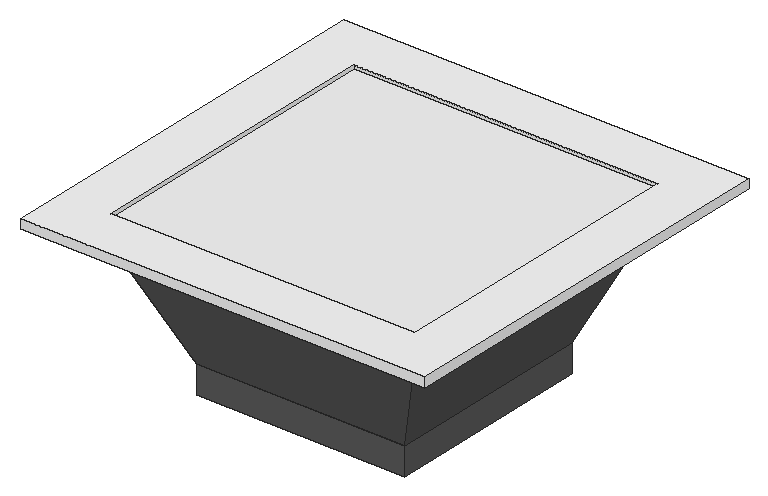
Revit family "3031700 Feilo Sylvania Lighting Fixture SYL-LIGHTER SQ 170 LED12W WW DIM", category Lighting Fixtures, host Face, Revit 2017
Family settings
  Host = Face
  Round Connector Dimension = Use Diameter
  Part Type = Normal
  OmniClass Number = 23.80.70.00
  OmniClass Title = Lighting
  Cut with Voids When Loaded = No
  Light Source = Yes
  Shared = No
  Room Calculation Point = No
Parameters (values of type "3031700 SYL-LIGHTER SQ 170 LED12W WW DIM")
  Width_FEILO = 175 mm
  WidthCutOut_FEILO = 150 mm
  Weight = "7.8 kg"
  Wattage Comments = ""
  Wattage = 12 W
  WarrantyStartDate [instance] = "n/a"
  WarrantyGuarantorParts = "n/a"
  WarrantyDurationUnit = "n/a"
  WarrantyDurationParts = "n/a"
  WarrantyDescription = "n/a"
  built-in parameter 1150110 = 1 (stored number, unit not read)
  Voltage = 230 V
  URL = "http://www.sylvania-lighting.com"
  TypeName = "SYL-LIGHTER SQ 170 LED12W WW DIM"
  Type Image = <None>
  Type Comments = "n/a"
  built-in parameter 1114217 = 1 (stored number, unit not read)
  Tilt Angle = -90.00°
  built-in parameter 1150109 = 1 (stored number, unit not read)
  built-in parameter 1150134 = (empty or 0)
  built-in parameter 1150113 = 1 (stored number, unit not read)
  SerialNumber [instance] = "n/a"
  Photometric Web File = "3031700.ies"
  Offset3_FEILO = Width_FEILO / 8.5  # 20.588 mm
  Offset2_FEILO = Width_FEILO / 28.3333  # 6.176 mm
  Offset1_FEILO = Width_FEILO / 56.6667  # 3.088 mm
  Material_3_FEILO = Diffuser-Sylvania-InsaverHoTopperSquare
  PowerFactor = 0
  PowerConsumption = "12 W"
  NominalLength = 175 mm
  NominalHeight = 68 mm
  NominalDepth = 175 mm
  Name = "SYL-LIGHTER SQ 170 LED12W WW DIM"
  ModelReference = Name  # "SYL-LIGHTER SQ 170 LED12W WW DIM"
  ModelNumber = "3031700"
  Model = Name  # "SYL-LIGHTER SQ 170 LED12W WW DIM"
  Material = "polycarbonate diffuser"
  ManufacturerName = "Feilo Sylvania"
  Manufacturer = "Feilo Sylvania"
  LuminousEfficacy = "73 lm/W"
  built-in parameter 1150105 = 396.57 (stored number, unit not read)
  Lumens = 876 lm
  LuminaireType = ""
  built-in parameter 1150115 = 1 (stored number, unit not read)
  LightOutputRatio = "n/a"
  built-in parameter 1150137 = (empty or 0)
  built-in parameter 1150139 = (empty or 0)
  LampsType = Lamp  # "LED"
  LampNominalLuminous = "874 lm"
  LampMacAdamStep = "n/a"
  LampColourTemperature = "3000 K"
  LampColourRenderingIndex = "0"
  built-in parameter 1150112 = 1 (stored number, unit not read)
  built-in parameter 1150114 = 1 (stored number, unit not read)
  Lamp = "LED"
  Keynote = "16500"
  InstallationDate [instance] = "n/a"
  InputVoltage = "220-240V~"
  InputNominalFrequency = "n/a"
  built-in parameter 1150132 = (empty or 0)
  built-in parameter 1150102 = (empty or 0)
  built-in parameter 1150107 = 3000 (stored number, unit not read)
  built-in parameter 1150138 = (empty or 0)
  IngressProtection = "IP44"
  ImpactProtectionIndex = "IK02"
  built-in parameter 1150106 = 3.9657 (stored number, unit not read)
  IfcExportType = "IfcLightFixtureType"
  IfcExportAs = "IfcLightFixtureType"
  HieghtCutOut_FEILO = HeightRecessed_FEILO / 0.8  # 85 mm
  HieghtBezel_FEILO = 4 mm
  HeightRecessed_FEILO = 68 mm
  HeightMiddle_FEILO = HeightRecessed_FEILO / 8.5  # 8 mm
  HeightBlend_FEILO = HeightRecessed_FEILO / 1.4167  # 48 mm
  ExpectedLife = 50000
  Emit from Rectangle Width = WidthCutOut_FEILO - 2 * (Offset1_FEILO + Offset2_FEILO)  # 131.471 mm
  Emit from Rectangle Length = WidthCutOut_FEILO - 2 * (Offset1_FEILO + Offset2_FEILO)  # 131.471 mm
  Emit Shape Visible in Rendering = no
  ElectricShockClassification = "n/a"
  built-in parameter 1150104 = 6.7819 (stored number, unit not read)
  DurationUnit = "hours"
  DocumentationLiterature = "http://www.sylvania-lighting.com/product/en-int/products/3031700"
  DimmingControlOptions = "n/a"
  Material_2_FEILO = Body-Sylvania-InsaverHoTopperSquare-Black
  Dimming Lamp Color Temperature Shift = <None>
  Description = ""
  Default Elevation = 1219.2 mm
  CreatedOn = "2/20/2018"
  CreatedBy = ""
  Cost = 0
  Color Filter = 16777215
  built-in parameter 1114216 [instance] = (empty or 0)
  ClassificationValue = "EF_70_80"
  ClassificationName = "Uniclass2015"
  Material_1_FEILO = Bezel-Sylvania-InsaverHoTopperSquare-White
  BarCode [instance] = "n/a"
  built-in parameter 1114218 = 1 (stored number, unit not read)
  built-in parameter 1150133 = 10 (stored number, unit not read)
  AssetType = "Fixed"
  AssetIdentifier [instance] = "n/a"
  Assembly Code = "D5020200"
  Apparent Load = 12 VA
  Material_4_FEILO = none
Reference planes
  plane 1 "Center (Front/Back)": y = 0
  plane 2: z = 0
  plane 3 "Center (Left/Right)": x = 0
  plane 4: x = 75
  plane 5: x = -75
  plane 6: x = -87.5
  plane 7: x = 87.5
  plane 8: x = -71.912
  plane 9: x = 71.912
  plane 10: z = -85
  plane 11: z = 4
  plane 12: z = -8
  plane 13: z = -68
  plane 14: y = 87.5
  plane 15: y = -87.5
  plane 16: y = 75
  plane 17: y = -75
  plane 18: y = 71.912
  plane 19: y = -71.912
  plane 20: z = 2.5
  plane 21: x = -65.735
  plane 22: y = 65.735
  plane 23: x = 65.735
  plane 24: y = -65.735
  plane 25: x = -45.147
  plane 26: y = 45.147
  plane 27: x = 45.147
  plane 28: y = -45.147
  plane 29: z = -56
Forms (mm)
  Extrusion 1, void
    sketch origin (0, 0, 0) x (1, 0, 0) y (0, 1, 0)
      loop
        line (-75, 75) -> (-75, -75) -> (75, -75) -> (75, 75) -> (-75, 75)
    from 0 to -85
  Extrusion 2, solid, material "Bezel-Sylvania-InsaverHoTopperSquare-White" <- "Material_1_FEILO"
    sketch origin (0, 0, 0) x (1, 0, 0) y (0, 1, 0)
      loop
        line (-87.5, 87.5) -> (-87.5, -87.5) -> (87.5, -87.5) -> (87.5, 87.5) -> (-87.5, 87.5)
      loop
        line (-65.735, 65.735) -> (-65.735, -65.735) -> (65.735, -65.735) -> (65.735, 65.735) -> (-65.735, 65.735)
    from 0 to 4
  Extrusion 3, solid, material "Diffuser-Sylvania-InsaverHoTopperSquare" <- "Material_3_FEILO"
    sketch origin (0, 0, 0) x (1, 0, 0) y (0, 1, 0)
      loop
        line (-65.735, 65.735) -> (-65.735, -65.735) -> (65.735, -65.735) -> (65.735, 65.735) -> (-65.735, 65.735)
    from 0 to 2.5
  Extrusion 4, solid, material "Bezel-Sylvania-InsaverHoTopperSquare-White" <- "Material_1_FEILO"
    sketch origin (0, 0, 0) x (1, 0, 0) y (0, 1, 0)
      loop
        line (-71.912, 71.912) -> (-71.912, -71.912) -> (71.912, -71.912) -> (71.912, 71.912) -> (-71.912, 71.912)
    from 0 to -8
  Blend 5, solid, material "Body-Sylvania-InsaverHoTopperSquare-Black" <- "Material_2_FEILO"
    base sketch origin (1223.4, -4572, -8) x (0, -1, 0) y (1, 0, 0)
      loop
        line (-4637.735, -1289.135) -> (-4506.265, -1289.135) -> (-4506.265, -1157.665) -> (-4637.735, -1157.665) -> (-4637.735, -1289.135)
    top sketch origin (1223.4, -4572, -8) x (0, -1, 0) y (1, 0, 0)
      loop
        line (-4617.147, -1268.547) -> (-4526.853, -1268.547) -> (-4526.853, -1178.253) -> (-4617.147, -1178.253) -> (-4617.147, -1268.547)
    from 0 to -48
  Extrusion 6, solid, material "Body-Sylvania-InsaverHoTopperSquare-Black" <- "Material_2_FEILO"
    sketch origin (1223.4, -4572, -56) x (0, -1, 0) y (-1, 0, 0)
      loop
        line (-4617.147, 1268.547) -> (-4617.147, 1178.253) -> (-4526.853, 1178.253) -> (-4526.853, 1268.547) -> (-4617.147, 1268.547)
    from 12 to 0
Dimensions and locks
  "HieghtCutOut_FEILO": plane 2 to plane 10
  "HieghtBezel_FEILO": plane 11 to plane 2
  "HeightMiddle_FEILO": plane 2 to plane 12
  "HeightRecessed_FEILO": plane 2 to plane 13
  equal spacing: plane 19, plane 1 "Center (Front/Back)", plane 18
  equal spacing: plane 17, plane 1 "Center (Front/Back)", plane 16
  equal spacing: plane 15, plane 1 "Center (Front/Back)", plane 14
  "Width_FEILO": plane 15 to plane 14
  "WidthCutOut_FEILO": plane 17 to plane 16
  "Offset1_FEILO": plane 18 to plane 16
  equal spacing: plane 6, plane 3 "Center (Left/Right)", plane 7
  "Width_FEILO": plane 6 to plane 7
  equal spacing: plane 5, plane 3 "Center (Left/Right)", plane 4
  "WidthCutOut_FEILO": plane 5 to plane 4
  equal spacing: plane 8, plane 3 "Center (Left/Right)", plane 9
  "Offset1_FEILO": plane 5 to plane 8
  locked: plane 11 to plane 20 at 1.5
  equal spacing: plane 21, plane 3 "Center (Left/Right)", plane 23
  equal spacing: plane 24, plane 1 "Center (Front/Back)", plane 22
  "Offset2_FEILO": plane 22 to plane 18
  "Offset2_FEILO": plane 8 to plane 21
  equal spacing: plane 25, plane 3 "Center (Left/Right)", plane 27
  equal spacing: plane 28, plane 1 "Center (Front/Back)", plane 26
  "Offset3_FEILO": plane 26 to plane 22
  "Offset3_FEILO": plane 21 to plane 25
  "HeightBlend_FEILO": plane 12 to plane 29
  aligned and locked: plane 2 to host face
  aligned and locked: level to host face
  aligned and locked: plane 16 to Extrusion 1 sketch curve
  aligned and locked: plane 5 to Extrusion 1 sketch curve
  aligned and locked: Extrusion 1 sketch curve to plane 17
  aligned and locked: Extrusion 1 sketch curve to plane 4
  aligned and locked: level to Extrusion 1
  aligned and locked: plane 10 to Extrusion 1
  aligned and locked: plane 14 to Extrusion 2 sketch curve
  aligned and locked: plane 6 to Extrusion 2 sketch curve
  aligned and locked: Extrusion 2 sketch curve to plane 15
  aligned and locked: Extrusion 2 sketch curve to plane 7
  aligned and locked: plane 22 to Extrusion 2 sketch curve
  aligned and locked: plane 21 to Extrusion 2 sketch curve
  aligned and locked: Extrusion 2 sketch curve to plane 24
  aligned and locked: Extrusion 2 sketch curve to plane 23
  aligned and locked: Extrusion 2 to plane 11
  aligned and locked: Extrusion 2 to level
  aligned and locked: Extrusion 3 sketch curve to Extrusion 2  (x4)
  aligned and locked: Extrusion 3 to plane 20
  aligned and locked: Extrusion 3 to level
  aligned and locked: plane 18 to Extrusion 4 sketch curve
  aligned and locked: plane 8 to Extrusion 4 sketch curve
  aligned and locked: Extrusion 4 sketch curve to plane 19
  aligned and locked: Extrusion 4 sketch curve to plane 9
  aligned and locked: plane 12 to Extrusion 4
  aligned and locked: level to Extrusion 4
  aligned and locked: Blend 5 sketch curve to Extrusion 2  (x4)
  aligned and locked: Blend 5 sketch curve to plane 26
  aligned and locked: Blend 5 sketch curve to plane 25
  aligned and locked: plane 28 to Blend 5 sketch curve
  aligned and locked: plane 27 to Blend 5 sketch curve
  aligned and locked: plane 12 to Blend 5
  aligned and locked: plane 29 to Blend 5
  aligned and locked: Extrusion 6 sketch curve to Blend 5  (x4)
  aligned and locked: plane 13 to Extrusion 6
  aligned and locked: Extrusion 6 to plane 29
  aligned and locked: plane 3 "Center (Left/Right)" to imposter light
  aligned and locked: imposter light to plane 1 "Center (Front/Back)"
  aligned and locked: imposter light to plane 20
Automatic sketch dimensions
  host sketch curve to host sketch curve = 2438.4 mm  (x2)
Connectors
  electrical at (0, 0, 0), driven by "Apparent Load", driven by "PowerFactor", driven by "Voltage"
    settings: index 1, voltage 230 V, apparent load 12 VA, apparent load phase1 0 VA, apparent load phase2 0 VA, apparent load phase3 0 VA, power factor 0, load classification "Lighting", number of poles 1, system type 30, power factor state 1, is connector primary yes, connector utility no, sub classification motor no, connector description ""
